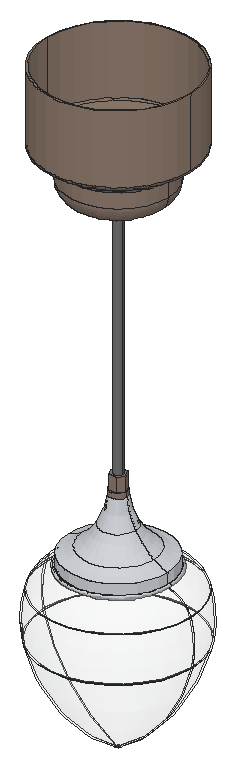
Revit family "PE-OB25", category Generic Models, Revit 2017
Family settings
  Can host rebar = No
  Round Connector Dimension = Use Diameter
  Part Type = Normal
  Work Plane-Based = No
  Always vertical = Yes
  Cut with Voids When Loaded = No
  Shared = No
  Room Calculation Point = No
Parameters
  SPINNING = ARCH. BRNZ.
  PE-OB22 = ARCH. BRNZ.
  GLASS = Glass, Clear Glazing
  CORD = Rubber, Silicone
Reference planes (in)
  plane 1 "Center (Front/Back)": y = 0
  plane 2: z = 0
  plane 3 "Center (Left/Right)": x = 0
Forms (in)
  Revolve 1, solid
    sketch origin (0, 0, 0) x (1, 0, 0) y (0, 0, 1)
      loop
        line (0, 10.52971) -> (-0.37791, 10.52971)
        arc (-0.37791, 10.52971) -> (-0.51612, 9.89887) -> (-0.78129, 9.31002) r 3.11905
        arc (-0.78129, 9.31002) -> (-1.14245, 8.80723) -> (-1.61276, 8.40468) r 2.58621
        arc (-1.61276, 8.40468) -> (-1.92865, 8.23125) -> (-2.26963, 8.11462) r 2.09174
        line (-2.26963, 8.11462) -> (-2.26963, 7.66179) -> (-2.3324, 7.66179)
        arc (-2.3324, 7.66179) -> (-2.39844, 7.59575) -> (-2.3324, 7.52971) r 0.06604
        line (-2.3324, 7.52971) -> (-2.15625, 7.52971)
        arc (-2.15625, 7.52971) -> (-2.19305, 7.55619) -> (-2.20713, 7.59929) r 0.07301
        line (-2.20713, 7.59929) -> (-2.20713, 8.06631)
        arc (-2.20713, 8.06631) -> (-1.88105, 8.1841) -> (-1.57808, 8.35268) r 2.15424
        arc (-1.57808, 8.35268) -> (-1.09667, 8.76468) -> (-0.72689, 9.27924) r 2.64871
        arc (-0.72689, 9.27924) -> (-0.46556, 9.85309) -> (-0.32253, 10.46721) r 3.18155
        line (-0.32253, 10.46721) -> (0, 10.46721) -> (0, 10.52971)
      axis (0, 10.52971) -> (0, 7.52971)
    angle from 0 to 360
  Revolve 2, solid, material "Glass, Clear Glazing" <- "GLASS"
    sketch origin (0, 0, 0) x (1, 0, 0) y (0, 0, 1)
      loop
        arc (-3.42723, 4.60799) -> (-2.22705, 2.03656) -> (-0.08508, 0.17518) r 6.82746
        arc (-0.08508, 0.17518) -> (-0.04376, 0.1599) -> (0, 0.15471) r 0.18708
        line (0, 0.15471) -> (0, 0.21721)
        arc (0, 0.21721) -> (-0.02867, 0.22056) -> (-0.05581, 0.23041) r 0.12458
        arc (-0.05581, 0.23041) -> (-2.17701, 2.07401) -> (-3.36598, 4.62052) r 6.76496
        arc (-3.36598, 4.62052) -> (-3.43368, 5.62196) -> (-3.28408, 6.61447) r 4.63255
        arc (-3.28408, 6.61447) -> (-2.79083, 7.23796) -> (-2.03125, 7.47263) r 1.34108
        line (-2.03125, 7.47263) -> (-2.03125, 7.66179) -> (-2.15625, 7.66179)
        arc (-2.15625, 7.66179) -> (-2.16428, 7.59575) -> (-2.15625, 7.52971) r 0.27554
        arc (-2.15625, 7.52971) -> (-2.8784, 7.25195) -> (-3.34364, 6.63373) r 1.40358
        arc (-3.34364, 6.63373) -> (-3.49609, 5.62543) -> (-3.42723, 4.60799) r 4.69505
      axis (0, 0.15471) -> (0, 7.66179)
    angle from 0 to 360
  Revolve 3, solid, material "ARCH. BRNZ." <- "PE-OB22"
    sketch origin (-21.71812, 0, -11.75553) x (1, 0, 0) y (0, 0, 1)
      loop
        arc (18.40562, 36.66024) -> (18.44223, 36.57186) -> (18.53062, 36.53524) r 0.125
        line (18.53062, 36.53524) -> (19.21812, 36.53524)
        arc (19.21812, 36.53524) -> (19.26231, 36.51694) -> (19.28062, 36.47274) r 0.0625
        line (19.28062, 36.47274) -> (19.28062, 36.03524)
        arc (19.28062, 36.03524) -> (19.29892, 35.99105) -> (19.34312, 35.97274) r 0.0625
        arc (19.34312, 35.97274) -> (19.38731, 35.95444) -> (19.40562, 35.91024) r 0.0625
        line (19.40562, 35.91024) -> (19.4174, 35.21355)
        arc (19.4174, 35.21355) -> (19.68143, 34.64961) -> (20.25628, 34.41024) r 0.86282
        line (20.25628, 34.41024) -> (20.53062, 34.41024)
        arc (20.53062, 34.41024) -> (20.56842, 34.39751) -> (20.59083, 34.36451) r 0.0625
        arc (20.59083, 34.36451) -> (20.64024, 34.30824) -> (20.7115, 34.28524) r 0.14085
        line (20.7115, 34.28524) -> (21.46812, 34.28524) -> (21.46812, 34.34774) -> (20.71305, 34.34774)
        arc (20.71305, 34.34774) -> (20.6757, 34.35973) -> (20.64885, 34.38832) r 0.07835
        arc (20.64885, 34.38832) -> (20.60326, 34.44947) -> (20.53062, 34.47274) r 0.125
        line (20.53062, 34.47274) -> (20.25709, 34.47274)
        arc (20.25709, 34.47274) -> (19.72495, 34.69447) -> (19.47986, 35.21626) r 0.80032
        line (19.47986, 35.21626) -> (19.46807, 35.91385)
        arc (19.46807, 35.91385) -> (19.43022, 35.9999) -> (19.34312, 36.03524) r 0.125
        line (19.34312, 36.03524) -> (19.34312, 36.47274)
        arc (19.34312, 36.47274) -> (19.30651, 36.56113) -> (19.21812, 36.59774) r 0.125
        line (19.21812, 36.59774) -> (18.53062, 36.59774)
        arc (18.53062, 36.59774) -> (18.48642, 36.61605) -> (18.46812, 36.66024) r 0.0625
        line (18.46812, 36.66024) -> (18.46812, 39.78524) -> (18.40562, 39.78524) -> (18.40562, 36.66024)
      axis (21.71812, 39.78524) -> (21.71812, 34.28524)
    angle from 0 to 360
  Extrusion 4, solid, material "ARCH. BRNZ." <- "PE-OB22"
    sketch origin (-21.71812, 34.01722, 21.27154) x (0, -1, 0) y (1, 0, 0)
      loop
        line (34.01722, 21.35381) -> (34.33272, 21.53596) -> (34.33272, 21.90027) -> (34.01722, 22.08243) -> (33.70172, 21.90027) -> (33.70172, 21.53596) -> (34.01722, 21.35381)
    from 0.60817 to 1.25817
  Revolve 5, solid, material "Rubber, Silicone" <- "CORD"
    sketch origin (-21.71812, 0, -11.53343) x (1, 0, 0) y (0, 0, 1)
      loop
        line (21.53062, 33.46523) -> (21.53062, 22.91946) -> (21.59312, 22.91946) -> (21.59312, 33.46523) -> (21.53062, 33.46523)
      axis (21.71812, 33.46523) -> (21.71812, 22.91946)
    angle from 0 to 360
  Extrusion 6, solid, material "ARCH. BRNZ." <- "PE-OB22"
    sketch origin (-21.71812, 34.01722, 10.14654) x (0, -1, 0) y (1, 0, 0)
      loop
        line (34.01722, 21.35381) -> (34.33272, 21.53596) -> (34.33272, 21.90027) -> (34.01722, 22.08243) -> (33.70172, 21.90027) -> (33.70172, 21.53596) -> (34.01722, 21.35381)
    from 0.60817 to 1.25817
  Revolve 7, solid, material "ARCH. BRNZ." <- "PE-OB22"
    sketch origin (-21.71812, 0, -5.45344) x (1, 0, 0) y (0, 0, 1)
      loop
        line (21.34021, 16.20815) -> (21.34021, 15.98315) -> (21.54451, 15.98315) -> (21.54451, 16.20815) -> (21.34021, 16.20815)
      axis (21.71812, 16.20815) -> (21.71812, 15.98315)
    angle from 0 to 360
Dimensions and locks (in)
  aligned and locked: plane 2 to level
